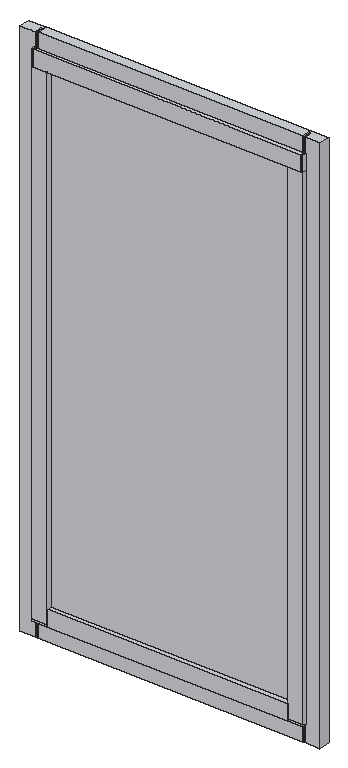
Revit family
Parameters
  tolleranza = 1 mm
  spessore vetro = 5 mm
  semilargh vetro [instance] = 350 mm
  semi_altez_vetro [instance] = 700 mm
  profondità vetro = 15 mm
  profondità uno = 20 mm
  profondità due = 10 mm
  largh telaio mobile = 45 mm
  h_mobile = 45 mm
  h_fisso = 50 mm
  PROFONDITA' = 30 mm
  largh telaio fisso = 50 mm
  dente = 5 mm
Reference planes
  plane 1 "Center (Front/Back)": y = 0
  plane 2: z = 740
  plane 3 "Center (Left/Right)": x = 0
  plane 4: x = -436
  plane 5: x = -391
  plane 6: x = -386
  plane 7: y = 30
  plane 8: y = 20
  plane 9: x = -390
  plane 10: y = 19
  plane 11: y = -1
  plane 12: y = -11
  plane 13: x = -395
  plane 14: x = -350
  plane 15: y = 4
  plane 16: y = 9
  plane 17: x = 350
  plane 18: x = 390
  plane 19: x = 395
  plane 20: x = 391
  plane 21: x = 436
  plane 22: x = 386
  plane 23: z = 700
  plane 24: z = -700
  plane 25: z = 745
  plane 26: z = 741
  plane 27: z = 736
  plane 28: z = 786
  plane 29: z = -745
  plane 30: z = -740
  plane 31: z = -746
  plane 32: z = -741
  plane 33: z = -791
Forms (mm)
  Extrusion 1, solid
    sketch origin (0, 0, 0) x (1, 0, 0) y (0, 1, 0)
      loop
        line (-436, 0) -> (-391, 0) -> (-391, 20) -> (-386, 20) -> (-386, 30) -> (-436, 30) -> (-436, 0)
    from -791 to 786
  Extrusion 2, solid
    sketch origin (0, 0, 0) x (1, 0, 0) y (0, 1, 0)
      loop
        line (-395, -11) -> (-350, -11) -> (-350, 19) -> (-390, 19) -> (-390, -1) -> (-395, -1) -> (-395, -11)
    from -740 to 700
  Extrusion 3, solid
    sketch origin (0, 0, 0) x (1, 0, 0) y (0, 1, 0)
      loop
        line (-350, 9) -> (-350, 4) -> (350, 4) -> (350, 9) -> (-350, 9)
    from -700 to 700
  Extrusion 4, solid
    sketch origin (0, 0, 0) x (1, 0, 0) y (0, 1, 0)
      loop
        line (350, -11) -> (395, -11) -> (395, -1) -> (390, -1) -> (390, 19) -> (350, 19) -> (350, -11)
    from -740 to 700
  Extrusion 5, solid
    sketch origin (0, 0, 0) x (1, 0, 0) y (0, 1, 0)
      loop
        line (386, 30) -> (386, 20) -> (391, 20) -> (391, 0) -> (436, 0) -> (436, 30) -> (386, 30)
    from -791 to 786
  Extrusion 6, solid
    sketch origin (0, 0, 0) x (0, 1, 0) y (0, 0, 1)
      loop
        line (-11, 700) -> (19, 700) -> (19, 740) -> (-1, 740) -> (-1, 745) -> (-11, 745) -> (-11, 700)
    from -390 to 390
  Extrusion 7, solid
    sketch origin (0, 0, 0) x (0, 1, 0) y (0, 0, 1)
      loop
        line (-11, 745) -> (-11, 700) -> (-1, 700) -> (-1, 745) -> (-11, 745)
    from 390 to 395
  Extrusion 8, solid
    sketch origin (0, 0, 0) x (0, 1, 0) y (0, 0, 1)
      loop
        line (-1, 745) -> (-11, 745) -> (-11, 700) -> (-1, 700) -> (-1, 745)
    from -395 to -390
  Extrusion 9, solid
    sketch origin (0, 0, 0) x (0, 1, 0) y (0, 0, 1)
      loop
        line (0, 786) -> (0, 741) -> (20, 741) -> (20, 736) -> (30, 736) -> (30, 786) -> (0, 786)
    from -386 to 386
  Extrusion 10, solid
    sketch origin (-11.028, 28.023, 0) x (1, 0, 0) y (0, 1, 0)
      loop
        line (397.028, -28.023) -> (402.028, -28.023) -> (402.028, -8.023) -> (397.028, -8.023) -> (397.028, -28.023)
    from 741 to 786
  Extrusion 11, solid
    sketch origin (0, 0, 0) x (1, 0, 0) y (0, 1, 0)
      loop
        line (-391, 20) -> (-391, 0) -> (-386, 0) -> (-386, 20) -> (-391, 20)
    from 741 to 786
  Extrusion 12, solid
    sketch origin (0, 37.728, -1436.574) x (0, 1, 0) y (0, 0, 1)
      loop
        line (-18.728, 736.574) -> (-48.728, 736.574) -> (-48.728, 691.574) -> (-38.728, 691.574) -> (-38.728, 696.574) -> (-18.728, 696.574) -> (-18.728, 736.574)
    from -350 to 350
  Extrusion 13, solid
    sketch origin (0, 0, 0) x (1, 0, 0) y (0, 0, 1)
      loop
        line (350, -740) -> (350, -745) -> (395, -745) -> (395, -740) -> (350, -740)
    from 1 to 11
  Extrusion 14, solid
    sketch origin (0, -22.685, -23.28) x (0, 1, 0) y (0, 0, 1)
      loop
        line (21.685, -721.72) -> (21.685, -716.72) -> (11.685, -716.72) -> (11.685, -721.72) -> (21.685, -721.72)
    from -395 to -350
  Extrusion 15, solid
    sketch origin (0, 0, 0) x (0, 1, 0) y (0, 0, 1)
      loop
        line (0, -746) -> (0, -791) -> (30, -791) -> (30, -741) -> (20, -741) -> (20, -746) -> (0, -746)
    from -386 to 386
  Extrusion 16, solid
    sketch origin (27.661, 0, -4.281) x (1, 0, 0) y (0, 0, 1)
      loop
        line (358.339, -741.719) -> (358.339, -786.719) -> (363.339, -786.719) -> (363.339, -741.719) -> (358.339, -741.719)
    from -20 to 0
  Extrusion 17, solid
    sketch origin (73.179, 0, -2.06) x (1, 0, 0) y (0, 0, 1)
      loop
        line (-464.179, -743.94) -> (-464.179, -788.94) -> (-459.179, -788.94) -> (-459.179, -743.94) -> (-464.179, -743.94)
    from -20 to 0
Dimensions and locks
  "largh telaio fisso": plane 4 to plane 6
  "dente": plane 5 to plane 6
  "tolleranza": plane 5 to plane 9
  "profondità uno": plane 1 "Center (Front/Back)" to plane 8
  "tolleranza": plane 8 to plane 10
  "tolleranza": plane 11 to plane 1 "Center (Front/Back)"
  "PROFONDITA'": plane 10 to plane 12
  "PROFONDITA'": plane 1 "Center (Front/Back)" to plane 7
  "largh telaio mobile": plane 13 to plane 14
  "dente": plane 13 to plane 9
  "profondità vetro": plane 15 to plane 12
  "spessore vetro": plane 16 to plane 15
  "semilargh vetro": plane 14 to plane 3 "Center (Left/Right)"
  "semilargh vetro": plane 3 "Center (Left/Right)" to plane 17
  "largh telaio mobile": plane 17 to plane 19
  "dente": plane 18 to plane 19
  "tolleranza": plane 18 to plane 20
  "dente": plane 22 to plane 20
  "largh telaio fisso": plane 22 to plane 21
  "semi_altez_vetro": plane 23 to level
  "semi_altez_vetro": level to plane 24
  "dente": plane 25 to plane 2
  "h_mobile": plane 25 to plane 23
  "tolleranza": plane 26 to plane 2
  "dente": plane 26 to plane 27
  "h_fisso": plane 28 to plane 27
  "dente": plane 30 to plane 29
  "tolleranza": plane 29 to plane 31
  "dente": plane 32 to plane 31
  "h_fisso": plane 32 to plane 33
  "h_mobile": plane 24 to plane 29
  aligned and locked: Extrusion 1 sketch curve to plane 7
  aligned and locked: plane 4 to Extrusion 1 sketch curve
  aligned and locked: Extrusion 1 sketch curve to plane 1 "Center (Front/Back)"
  aligned and locked: Extrusion 1 sketch curve to plane 6
  aligned and locked: Extrusion 1 sketch curve to plane 5
  aligned and locked: plane 8 to Extrusion 1 sketch curve
  aligned and locked: Extrusion 2 sketch curve to plane 10
  aligned and locked: Extrusion 2 sketch curve to plane 14
  aligned and locked: plane 12 to Extrusion 2 sketch curve
  aligned and locked: plane 13 to Extrusion 2 sketch curve
  aligned and locked: Extrusion 2 sketch curve to plane 11
  aligned and locked: plane 9 to Extrusion 2 sketch curve
  aligned and locked: plane 16 to Extrusion 3 sketch curve
  aligned and locked: Extrusion 3 sketch curve to plane 15
  aligned and locked: plane 17 to Extrusion 3
  aligned and locked: Extrusion 4 to plane 17
  aligned and locked: Extrusion 4 to plane 12
  aligned and locked: plane 11 to Extrusion 4
  aligned and locked: plane 10 to Extrusion 4
  aligned and locked: plane 18 to Extrusion 4
  aligned and locked: plane 19 to Extrusion 4
  aligned and locked: plane 7 to Extrusion 5
  aligned and locked: plane 21 to Extrusion 5
  aligned and locked: Extrusion 5 to plane 22
  aligned and locked: Extrusion 5 to plane 8
  aligned and locked: Extrusion 5 to plane 20
  aligned and locked: plane 1 "Center (Front/Back)" to Extrusion 5
  aligned and locked: Extrusion 3 to plane 24
  aligned and locked: plane 23 to Extrusion 3
  aligned and locked: plane 23 to Extrusion 4
  aligned and locked: plane 23 to Extrusion 2
  aligned and locked: Extrusion 6 to plane 23
  aligned and locked: plane 2 to Extrusion 6
  aligned and locked: plane 25 to Extrusion 6
  aligned and locked: Extrusion 6 to plane 12
  aligned and locked: plane 10 to Extrusion 6
  aligned and locked: plane 11 to Extrusion 6
  aligned and locked: plane 18 to Extrusion 6
  aligned and locked: Extrusion 6 to plane 9
  aligned and locked: Extrusion 7 to plane 12
  aligned and locked: plane 11 to Extrusion 7
  aligned and locked: Extrusion 7 to plane 23
  aligned and locked: plane 25 to Extrusion 7
  aligned and locked: Extrusion 7 to plane 18
  aligned and locked: plane 19 to Extrusion 7
  aligned and locked: plane 25 to Extrusion 8
  aligned and locked: Extrusion 8 to plane 23
  aligned and locked: plane 11 to Extrusion 8
  aligned and locked: Extrusion 8 to plane 12
  aligned and locked: plane 9 to Extrusion 8
  aligned and locked: Extrusion 8 to plane 13
  aligned and locked: plane 1 "Center (Front/Back)" to Extrusion 9
  aligned and locked: plane 7 to Extrusion 9
  aligned and locked: Extrusion 9 to plane 8
  aligned and locked: Extrusion 9 to plane 26
  aligned and locked: Extrusion 9 to plane 27
  aligned and locked: plane 22 to Extrusion 9
  aligned and locked: plane 28 to Extrusion 9
  aligned and locked: plane 28 to Extrusion 5
  aligned and locked: plane 20 to Extrusion 10
  aligned and locked: Extrusion 10 to plane 22
  aligned and locked: plane 1 "Center (Front/Back)" to Extrusion 10
  aligned and locked: plane 8 to Extrusion 10
  aligned and locked: Extrusion 10 to plane 26
  aligned and locked: plane 28 to Extrusion 10
  aligned and locked: plane 28 to Extrusion 1
  aligned and locked: Extrusion 9 to plane 6
  aligned and locked: plane 1 "Center (Front/Back)" to Extrusion 11
  aligned and locked: plane 8 to Extrusion 11
  aligned and locked: Extrusion 11 to plane 5
  aligned and locked: plane 6 to Extrusion 11
  aligned and locked: Extrusion 11 to plane 26
  aligned and locked: plane 28 to Extrusion 11
  aligned and locked: Extrusion 12 to plane 12
  aligned and locked: plane 11 to Extrusion 12
  aligned and locked: plane 10 to Extrusion 12
  aligned and locked: plane 24 to Extrusion 12
  aligned and locked: plane 17 to Extrusion 12
  aligned and locked: Extrusion 12 to plane 14
  aligned and locked: plane 19 to Extrusion 13
  aligned and locked: Extrusion 13 to plane 17
  aligned and locked: Extrusion 14 to plane 13
  aligned and locked: plane 14 to Extrusion 14
  aligned and locked: plane 31 to Extrusion 15
  aligned and locked: plane 32 to Extrusion 15
  aligned and locked: plane 7 to Extrusion 15
  aligned and locked: Extrusion 15 to plane 8
  aligned and locked: plane 1 "Center (Front/Back)" to Extrusion 15
  aligned and locked: Extrusion 15 to plane 33
  aligned and locked: plane 22 to Extrusion 15
  aligned and locked: Extrusion 5 to plane 33
  aligned and locked: Extrusion 16 to plane 22
  aligned and locked: plane 20 to Extrusion 16
  aligned and locked: Extrusion 16 to plane 33
  aligned and locked: plane 31 to Extrusion 16
  aligned and locked: plane 8 to Extrusion 16
  aligned and locked: plane 1 "Center (Front/Back)" to Extrusion 16
  aligned and locked: Extrusion 1 to plane 33
  aligned and locked: Extrusion 15 to plane 6
  aligned and locked: Extrusion 12 to plane 29
  aligned and locked: Extrusion 12 to plane 30
  aligned and locked: Extrusion 4 to plane 30
  aligned and locked: plane 30 to Extrusion 13
  aligned and locked: Extrusion 13 to plane 29
  aligned and locked: Extrusion 13 to plane 12
  aligned and locked: plane 11 to Extrusion 13
  aligned and locked: Extrusion 2 to plane 30
  aligned and locked: plane 30 to Extrusion 14
  aligned and locked: Extrusion 14 to plane 12
  aligned and locked: plane 11 to Extrusion 14
  aligned and locked: Extrusion 14 to plane 29
  aligned and locked: Extrusion 17 to plane 5
  aligned and locked: plane 6 to Extrusion 17
  aligned and locked: Extrusion 17 to plane 33
  aligned and locked: plane 31 to Extrusion 17
  aligned and locked: plane 8 to Extrusion 17
  aligned and locked: plane 1 "Center (Front/Back)" to Extrusion 17
Automatic sketch dimensions
  Extrusion 3 sketch curve to plane 14 = 0 mm
  plane 3 "Center (Left/Right)" to Extrusion 3 sketch curve = 350 mm
  Extrusion 4 sketch curve to plane 17 = 0 mm
  Extrusion 4 sketch curve to plane 16 = 10 mm
  Extrusion 4 sketch curve to plane 19 = 5 mm
  Extrusion 4 sketch curve to plane 12 = 0 mm
  plane 19 to Extrusion 4 sketch curve = 0 mm
  Extrusion 4 sketch curve to plane 8 = 1 mm
  plane 12 to Extrusion 5 sketch curve = 11 mm
  plane 21 to Extrusion 5 sketch curve = 0 mm
  plane 16 to Extrusion 5 sketch curve = 11 mm
  plane 7 to Extrusion 5 sketch curve = 0 mm
  Extrusion 5 sketch curve to plane 22 = 0 mm
  Extrusion 5 sketch curve to plane 20 = 0 mm
  Extrusion 6 sketch curve to plane 12 = 0 mm
  plane 12 to Extrusion 6 sketch curve = 10 mm
  Extrusion 6 sketch curve to plane 7 = 11 mm
  Extrusion 6 sketch curve to plane 2 = 40 mm
  plane 2 to Extrusion 6 sketch curve = 0 mm
  plane 2 to Extrusion 6 sketch curve = 5 mm
  Extrusion 7 sketch curve to plane 12 = 0 mm
  plane 12 to Extrusion 7 sketch curve = 10 mm
  Extrusion 7 sketch curve to plane 25 = 45 mm
  Extrusion 7 sketch curve to Extrusion 7 sketch curve = 45 mm
  plane 2 to Extrusion 8 sketch curve = 5 mm
  Extrusion 8 sketch curve to plane 12 = 0 mm
  Extrusion 8 sketch curve to Extrusion 8 sketch curve = 10 mm
  plane 23 to Extrusion 8 sketch curve = 0 mm
  Extrusion 9 sketch curve to plane 1 "Center (Front/Back)" = 0 mm
  Extrusion 9 sketch curve to plane 25 = 9 mm
  plane 8 to Extrusion 9 sketch curve = 0 mm
  plane 7 to Extrusion 9 sketch curve = 0 mm
  Extrusion 9 sketch curve to Extrusion 9 sketch curve = 45 mm
  Extrusion 9 sketch curve to plane 25 = 4 mm
  Extrusion 10 sketch curve to plane 22 = 0 mm
  Extrusion 10 sketch curve to plane 19 = 4 mm
  Extrusion 10 sketch curve to plane 16 = 9 mm
  plane 8 to Extrusion 10 sketch curve = 0 mm
  plane 13 to Extrusion 11 sketch curve = 4 mm
  Extrusion 11 sketch curve to plane 6 = 0 mm
  Extrusion 11 sketch curve to plane 16 = 9 mm
  Extrusion 11 sketch curve to plane 8 = 0 mm
  Extrusion 12 sketch curve to plane 27 = 1436 mm
  plane 12 to Extrusion 12 sketch curve = 0 mm
  Extrusion 12 sketch curve to Extrusion 12 sketch curve = 10 mm
  Extrusion 12 sketch curve to Extrusion 12 sketch curve = 20 mm
  Extrusion 12 sketch curve to plane 23 = 1440 mm
  Extrusion 12 sketch curve to plane 23 = 1445 mm
  plane 17 to Extrusion 13 sketch curve = 0 mm
  Extrusion 13 sketch curve to plane 19 = 0 mm
  Extrusion 13 sketch curve to plane 30 = 0 mm
  Extrusion 13 sketch curve to plane 29 = 0 mm
  Extrusion 14 sketch curve to plane 12 = 0 mm
  plane 1 "Center (Front/Back)" to Extrusion 14 sketch curve = 1 mm
  Extrusion 14 sketch curve to plane 30 = 0 mm
  Extrusion 14 sketch curve to plane 29 = 0 mm
  Extrusion 15 sketch curve to plane 1 "Center (Front/Back)" = 0 mm
  plane 8 to Extrusion 15 sketch curve = 0 mm
  plane 7 to Extrusion 15 sketch curve = 0 mm
  Extrusion 15 sketch curve to plane 30 = 51 mm
  Extrusion 15 sketch curve to plane 29 = 1 mm
  plane 29 to Extrusion 15 sketch curve = 4 mm
  plane 22 to Extrusion 16 sketch curve = 0 mm
  Extrusion 16 sketch curve to plane 19 = 4 mm
  Extrusion 16 sketch curve to plane 33 = 0 mm
  Extrusion 16 sketch curve to plane 30 = 6 mm
  plane 13 to Extrusion 17 sketch curve = 4 mm
  Extrusion 17 sketch curve to plane 14 = 36 mm
  plane 33 to Extrusion 17 sketch curve = 0 mm
  Extrusion 17 sketch curve to plane 30 = 6 mm
